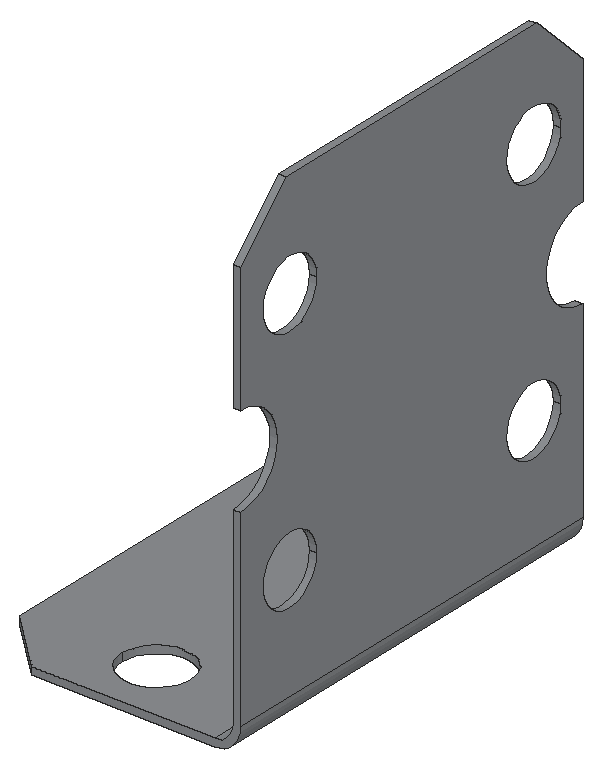
Revit family "Connection-Cleat Plate-Steel & Tube-HST General Purpose_Temp_2a465001-0a23-4a44-8e85-42c06053a08f", category Structural Connections, host Face, Revit 2016
Family settings
  Host = Face
  Material for Model Behavior = Steel
  OmniClass Number = 23.25.05.17.11
  OmniClass Title = Column Bases
  Enable cutting in views = Yes
  Cut with Voids When Loaded = No
  Shared = Yes
Parameters (values of type "HST150")
  d = if(Beam Size = 152 mm, 65 mm, if(Beam Size = 203 mm, 75 mm, if(Beam Size = 250 mm, 85 mm, if(Beam Size = 300 mm, 95 mm, if(Beam Size = 350 mm, 105 mm, 115 mm)))))  # 65 mm
  b = if(Beam Size = 152 mm, 80 mm, if(Beam Size = 203 mm, 120 mm, if(Beam Size = 250 mm, 160 mm, if(Beam Size = 300 mm, 200 mm, if(Beam Size = 350 mm, 240 mm, 280 mm)))))  # 80 mm
  Width_ANZRS = if(Beam Size = 152 mm, 112 mm, if(Beam Size = 203 mm, 155 mm, if(Beam Size = 250 mm, 195 mm, if(Beam Size = 300 mm, 235 mm, if(Beam Size = 350 mm, 290 mm, 330 mm)))))  # 112 mm
  Uniclass2015Version = "2015"  # constant formula
  Uniclass2015Title = "Cold-formed galvanized steel sections"  # constant formula
  Uniclass2015Code = "Pr_20_76_51_21"  # constant formula
  URL = "http://www.steelandtube.co.nz"
  Type Comments = "HST Steel Purlin General Purpose Cleat - Non Structural Only"  # constant formula
  SpecificationReference = "3411ST"  # constant formula
  SpecificationDescription = "Steel & Tube Purlins & Girts"  # constant formula
  PlateThickness_ANZRS = 2 mm  # constant formula
  ModifiedIssue_ANZRS = 20160520.01  # constant formula
  Model = if(Beam Size = 152 mm, "HST150", if(Beam Size = 203 mm, "HST200", if(Beam Size = 250 mm, "HST250", if(Beam Size = 300 mm, "HST300", if(Beam Size = 350 mm, "HST350", "HST400")))))  # "HST150"
  Material_ANZRS = Metal-Steel-450MPa
  Material Standard = "Steel & Tube’s HST purlins and Girts profiles are manufactured from materials conforming to AS1397:2011"  # constant formula
  ManufacturerURL = "http://www.steelandtube.co.nz"
  ManufacturerName = Manufacturer  # "Steel & Tube"
  Manufacturer = "Steel & Tube"  # constant formula
  Length_ANZRS = 70 mm  # constant formula
  Height_ANZRS = if(Beam Size = 152 mm, 130 mm, if(Beam Size = 203 mm, 130 mm, if(Beam Size = 250 mm, 150 mm, if(Beam Size = 300 mm, 150 mm, if(Beam Size = 350 mm, 180 mm, 180 mm)))))  # 130 mm
  Disclaimer [instance] = "Steel & Tube makes no representations or warranties about the information in this document, including (but not limited to) whether the information, and any materials referred to, are fit for purpose. The user is responsible for ensuring that the information, and any materials referred to, are fit for the purpose for which they are intended to be used. Except as required by law, Steel & Tube is not liable for any cost, loss, claim or expense incurred by any person as a result of any person using or relying on the information in this document."  # constant formula
  Design Standard = "Steel & Tube’s HST purlins and Girts profiles are designed in accordance with AS/NZS 4600:2005."  # constant formula
  Design Instruction = "All the design information should be cross referenced with the current Steel & Tube Purlins and Girts design guide, and AS/NZS 4600:2005"  # constant formula
  Description = "HST Steel Purlins and Girts are high strength lipped profile sections, providing an economic solution for your building project."  # constant formula
  Default Elevation = 0 mm
  CreatedBy_ANZRS = "Design Content"  # constant formula
  CreatedByURL_ANZRS = "http://www.designcontent.com.au"
  CBIDescription = "Structural steelwork"  # constant formula
  CBICode = "3411"  # constant formula
  Beam Size = 152 mm
  Assembly Code = "B1020230"
Reference planes
  plane 1 "Center (Front/Back)": y = 0
  plane 2: z = 0
  plane 3 "Center (Left/Right)": x = 0
  plane 4 "Beam Top": y = 56
  plane 5 "Beam Bottom": y = -56
  plane 6: z = 2
  plane 7 "Left": x = -35
  plane 8 "Right": x = 35
  plane 9: x = 33
  plane 10: y = 40
  plane 11: y = -40
  plane 12 "Top": z = 130
  plane 13 "Internal Bolts": z = 37
  plane 14 "External Bolts": z = 102
Forms (mm)
  Extrusion 1, solid, material "Metal-Steel-450MPa" <- "Material_ANZRS", detail levels medium
    sketch origin (0, 0, 0) x (1, 0, 0) y (0, 0, 1)
      loop
        line (-35, 2) -> (-35, 0) -> (35, 0) -> (35, 130) -> (33, 130) -> (33, 2) -> (-35, 2)
    from -56 to 56
  Extrusion 2, solid, material "Metal-Steel-450MPa" <- "Material_ANZRS", detail levels fine
    sketch origin (0, 0, 0) x (1, 0, 0) y (0, 0, 1)
      loop
        line (-35, 2) -> (-35, 0) -> (28, 0)
        arc (28, 0) -> (32.95, 2.05) -> (35, 7) r 7
        line (35, 7) -> (35, 130) -> (33, 130) -> (33, 7)
        arc (33, 7) -> (31.536, 3.464) -> (28, 2) r 5
        line (28, 2) -> (-35, 2)
    from -56 to 56
  Extrusion 3, void
    sketch origin (0, 0, 0) x (1, 0, 0) y (0, 1, 0)
      loop
        line (-35, 56) -> (-35, 41) -> (-20, 56) -> (-35, 56)
      loop
        line (-35, -56) -> (-20, -56) -> (-35, -41) -> (-35, -56)
      loop
        circle (0, 40) r 9
      loop
        circle (0, -40) r 9
    from 0 to 2
  Extrusion 4, void
    sketch origin (0, 0, 0) x (0, 1, 0) y (0, 0, 1)
      loop
        circle (40, 102) r 9
      loop
        circle (40, 37) r 9
      loop
        circle (-40, 37) r 9
      loop
        circle (-40, 102) r 9
    from 33 to 35
  Extrusion 5, void
    sketch origin (0, 0, 0) x (0, 1, 0) y (0, 0, 1)
      loop
        line (-56, 130) -> (-56, 115) -> (-41, 130) -> (-56, 130)
      loop
        line (56, 130) -> (41, 130) -> (56, 115) -> (56, 130)
      loop
        arc (56, 81.5) -> (44, 69.5) -> (56, 57.5) r 12
        line (56, 57.5) -> (56, 81.5)
      loop
        line (-56, 81.5) -> (-56, 57.5)
        arc (-56, 57.5) -> (-44, 69.5) -> (-56, 81.5) r 12
    from 33 to 35
Cuts and joins
  Extrusion 3, Extrusion 4, Extrusion 5 cuts Extrusion 2
Dimensions and locks
  equal spacing: plane 5 "Beam Bottom", plane 1 "Center (Front/Back)", plane 4 "Beam Top"
  "Width_ANZRS": plane 5 "Beam Bottom" to plane 4 "Beam Top"
  "PlateThickness_ANZRS": plane 6 to plane 2
  equal spacing: plane 7 "Left", plane 3 "Center (Left/Right)", plane 8 "Right"
  "Length_ANZRS": plane 7 "Left" to plane 8 "Right"
  "PlateThickness_ANZRS": plane 9 to plane 8 "Right"
  equal spacing: plane 11, plane 1 "Center (Front/Back)", plane 10
  "b": plane 11 to plane 10
  "Height_ANZRS": plane 12 "Top" to plane 2
  locked: plane 13 "Internal Bolts" to plane 6 at 35
  "d": plane 14 "External Bolts" to plane 13 "Internal Bolts"
  locked: Extrusion 3 sketch curve to plane 4 "Beam Top" at 15
  locked: plane 5 "Beam Bottom" to Extrusion 3 sketch curve at 15
  locked: plane 7 "Left" to Extrusion 3 sketch curve at 15  (x2)
  plane 12 "Top" to Extrusion 5 sketch curve to Extrusion 5 sketch curve = 15 mm locked, 0 mm locked
  locked: plane 4 "Beam Top" to Extrusion 5 sketch curve at 15
  locked: Extrusion 5 sketch curve to plane 5 "Beam Bottom" at 15
  equal spacing: plane 14 "External Bolts", Extrusion 5 sketch curve, plane 13 "Internal Bolts"  (x2)
  radius of Extrusion 2 sketch curve = 5 mm
  aligned and locked: plane 2 to host face
  aligned and locked: level to host face
  aligned and locked: Extrusion 1 sketch curve to plane 6
  aligned and locked: plane 2 to Extrusion 1 sketch curve
  aligned and locked: Extrusion 1 sketch curve to plane 7 "Left"
  aligned and locked: plane 9 to Extrusion 1 sketch curve
  aligned and locked: Extrusion 1 sketch curve to plane 8 "Right"
  aligned and locked: Extrusion 1 sketch curve to plane 12 "Top"
  aligned and locked: Extrusion 1 to plane 4 "Beam Top"
  aligned and locked: plane 5 "Beam Bottom" to Extrusion 1
  aligned and locked: plane 7 "Left" to Extrusion 2 sketch curve
  aligned and locked: Extrusion 2 sketch curve to plane 6
  aligned and locked: plane 2 to Extrusion 2 sketch curve
  aligned and locked: plane 9 to Extrusion 2 sketch curve
  aligned and locked: Extrusion 2 sketch curve to plane 8 "Right"
  aligned and locked: Extrusion 2 sketch curve to plane 12 "Top"
  aligned and locked: Extrusion 2 to plane 4 "Beam Top"
  aligned and locked: plane 5 "Beam Bottom" to Extrusion 2
  aligned and locked: plane 10 to Extrusion 3 sketch curve
  aligned and locked: plane 3 "Center (Left/Right)" to Extrusion 3 sketch curve  (x2)
  aligned and locked: plane 11 to Extrusion 3 sketch curve
  aligned and locked: Extrusion 3 sketch curve to plane 5 "Beam Bottom"
  aligned and locked: plane 7 "Left" to Extrusion 3 sketch curve
  aligned and locked: Extrusion 3 sketch curve to plane 7 "Left"
  aligned and locked: Extrusion 3 sketch curve to plane 4 "Beam Top"
  aligned and locked: Extrusion 3 to level
  aligned and locked: plane 6 to Extrusion 3
  aligned and locked: plane 10 to Extrusion 4 sketch curve  (x2)
  aligned and locked: plane 11 to Extrusion 4 sketch curve  (x2)
  aligned and locked: plane 14 "External Bolts" to Extrusion 4 sketch curve  (x2)
  aligned and locked: plane 13 "Internal Bolts" to Extrusion 4 sketch curve  (x2)
  aligned and locked: Extrusion 4 to plane 9
  aligned and locked: plane 8 "Right" to Extrusion 4
  aligned and locked: Extrusion 5 sketch curve to plane 4 "Beam Top"  (x2)
  aligned and locked: plane 12 "Top" to Extrusion 5 sketch curve
  aligned and locked: Extrusion 5 sketch curve to plane 12 "Top"
  aligned and locked: Extrusion 5 sketch curve to plane 5 "Beam Bottom"  (x2)
  aligned and locked: plane 5 "Beam Bottom" to Extrusion 5 sketch curve
  aligned and locked: plane 4 "Beam Top" to Extrusion 5 sketch curve
  aligned and locked: Extrusion 5 to plane 9
  aligned and locked: plane 8 "Right" to Extrusion 5
Automatic sketch dimensions
  host sketch curve to host sketch curve = 2438.4 mm  (x2)
  Extrusion 2 sketch curve to Extrusion 2 sketch curve = 0 mm
  Extrusion 5 sketch curve to Extrusion 5 sketch curve = 12 mm  (x2)
  radius of Extrusion 3 sketch curve = 9 mm  (x2)
  radius of Extrusion 4 sketch curve = 9 mm  (x4)
